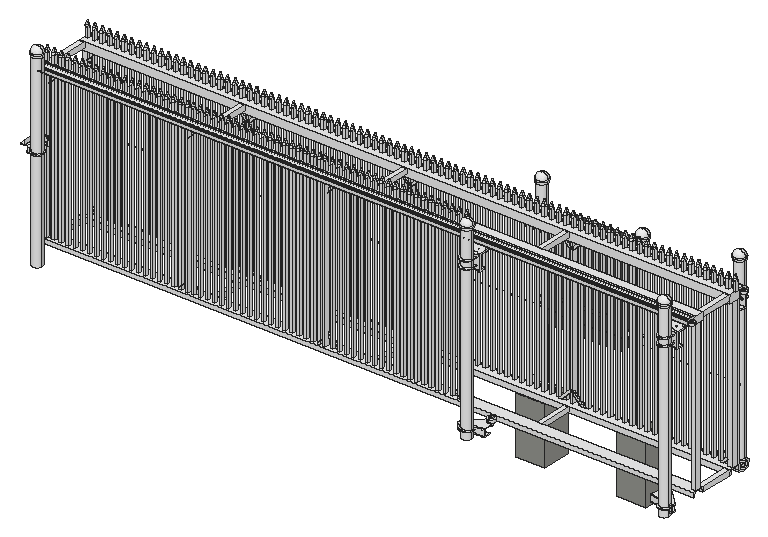
Revit family "Site-Fencing-Tymetal_Corp-Box_Frame_Cantilever_Slide_Gate-Ornamental-TYM-VS2-1", category Site, Revit 2015 (continued)
Definition of nested family "Fence - Catch Assembly"
  Definition of nested family "Fence - Assembly Latch"
    Lines and regions (in)
      Masking region 2, detail levels medium+fine
        outline origin (0, 7.24613, 0) x (1, 0, 0) y (0, 1, 0)
          loop
            line (-2.14943, -3.49662) -> (-0.16065, -5.4854)
            arc (-0.16065, -5.4854) -> (-0.07953, -5.5396) -> (0.01615, -5.55863) r 0.25003
            line (0.01615, -5.55863) -> (2.01605, -5.55863) -> (2.01605, -8.93362) -> (-0.00593, -8.93362)
            arc (-0.00593, -8.93362) -> (-0.1016, -8.95265) -> (-0.18271, -9.00684) r 0.25
            line (-0.18271, -9.00684) -> (-2.17145, -10.99558) -> (-1.99467, -11.17236) -> (-0.00593, -9.18362) -> (2.01607, -9.18362)
            arc (2.01607, -9.18362) -> (2.19285, -9.1104) -> (2.26608, -8.93361) r 0.25001
            line (2.26608, -8.93361) -> (2.26608, -5.5586)
            arc (2.26608, -5.5586) -> (2.19286, -5.38185) -> (2.0161, -5.30863) r 0.24997
            line (2.0161, -5.30863) -> (0.01605, -5.30863) -> (-1.97269, -3.31989) -> (-2.14943, -3.49662)
    Dimensions and locks (in)
      equal spacing: plane 4, level, plane 5
      locked: plane 4 to plane 5 at 2.75
    Automatic sketch dimensions
      Extrusion 1 sketch curve to plane 3 "Center (Left/Right)" = 0' - 2.17145"
      Extrusion 1 sketch curve to plane 3 "Center (Left/Right)" = 0' - 2.14946"
      Extrusion 1 sketch curve to Extrusion 1 sketch curve = 0' - 0.17678"  (x4)
      Extrusion 1 sketch curve to plane 3 "Center (Left/Right)" = 0' - 0.18263"
      Extrusion 1 sketch curve to plane 3 "Center (Left/Right)" = 0' - 0.16054"
      Extrusion 1 sketch curve to plane 3 "Center (Left/Right)" = 0' - 0.00593"  (x2)
      Extrusion 1 sketch curve to Extrusion 1 sketch curve = 0' - 0"  (x4)
      plane 3 "Center (Left/Right)" to Extrusion 1 sketch curve = 0' - 0.01605"
      plane 3 "Center (Left/Right)" to Extrusion 1 sketch curve = 0' - 0.01615"
      plane 3 "Center (Left/Right)" to Extrusion 1 sketch curve = 0' - 2.01605"
      Extrusion 1 sketch curve to Extrusion 1 sketch curve = 0' - 0.00005"
      Extrusion 1 sketch curve to Extrusion 1 sketch curve = 0' - 0 1/4"
      Extrusion 1 sketch curve to Extrusion 1 sketch curve = 0' - 1.98873"
      Extrusion 1 sketch curve to Extrusion 1 sketch curve = 0' - 0.17686"
      Extrusion 1 sketch curve to Extrusion 1 sketch curve = 0' - 3.37498"
      Extrusion 1 sketch curve to Extrusion 1 sketch curve = 0' - 0.00003"  (x2)
      Extrusion 1 sketch curve to Extrusion 1 sketch curve = 0' - 0.07312"
      Extrusion 1 sketch curve to Extrusion 1 sketch curve = 0' - 1.98886"
      Masking region 1 sketch curve to Masking region 1 sketch curve = 0' - 0.25002"
      plane 3 "Center (Left/Right)" to Masking region 1 sketch curve = 0' - 0.01612"
      Masking region 1 sketch curve to plane 3 "Center (Left/Right)" = 0' - 0.00594"
      Masking region 1 sketch curve to plane 3 "Center (Left/Right)" = 0' - 0.08748"
      Masking region 1 sketch curve to plane 3 "Center (Left/Right)" = 0' - 0.10949"
      Masking region 1 sketch curve to plane 3 "Center (Left/Right)" = 0' - 1 249/256"
      Masking region 1 sketch curve to plane 3 "Center (Left/Right)" = 0' - 1.99467"
      Masking region 1 sketch curve to Masking region 1 sketch curve = 0' - 0.1768"
      Masking region 1 sketch curve to Masking region 1 sketch curve = 0' - 0.17678"  (x2)
      Masking region 1 sketch curve to Masking region 1 sketch curve = 0' - 3 3/8"
      Masking region 1 sketch curve to Masking region 1 sketch curve = 0' - 0 1/4"
      Masking region 2 sketch curve to Masking region 2 sketch curve = 0' - 0.24997"
      Masking region 2 sketch curve to Masking region 2 sketch curve = 0' - 0 1/4"
      Masking region 2 sketch curve to Masking region 2 sketch curve = 0' - 0"  (x3)
      plane 3 "Center (Left/Right)" to Masking region 2 sketch curve = 0' - 0.01615"
      Masking region 2 sketch curve to Masking region 2 sketch curve = 0' - 0.0001"
      Masking region 2 sketch curve to plane 3 "Center (Left/Right)" = 0' - 0.00593"
      Masking region 2 sketch curve to plane 3 "Center (Left/Right)" = 0' - 0.16065"
      Masking region 2 sketch curve to Masking region 2 sketch curve = 0' - 0.17678"  (x3)
      Masking region 2 sketch curve to Masking region 2 sketch curve = 0' - 3 3/8"
      Masking region 2 sketch curve to Masking region 2 sketch curve = 0' - 0.00003"
      Masking region 2 sketch curve to Masking region 2 sketch curve = 0' - 0.07323"
      Masking region 2 sketch curve to plane 3 "Center (Left/Right)" = 0' - 1.97269"
      Masking region 2 sketch curve to Masking region 2 sketch curve = 0' - 0.17674"
      Masking region 2 sketch curve to Masking region 2 sketch curve = 0' - 1.98874"
      plane 1 "Center (Front/Back)" to Extrusion 1 sketch curve = 0' - 3.92623"
      Masking region 1 sketch curve to plane 1 "Center (Front/Back)" = 0' - 3.92627"
      Masking region 1 sketch curve to Masking region 1 sketch curve = 0' - 1.99993"
      Masking region 2 sketch curve to Masking region 2 sketch curve = 0' - 1.9999"
      plane 7 to Masking region 2 sketch curve = 0' - 0"
  Definition of nested family "Fence - Catch"
    Parameters
      Catch Assembly Finish = none
    Reference planes (in)
      plane 1 "Center (Front/Back)": y = 0
      plane 2: z = 0
      plane 3 "Center (Left/Right)": x = 0
      plane 4: y = 1.25
      plane 5: y = -1.25
      plane 6: x = 4.16039
    Forms (in)
      Extrusion 1, solid, material <- "Catch Assembly Finish", detail levels medium+fine
        sketch origin (0, 7.23515, -1.375) x (1, 0, 0) y (0, 1, 0)
          loop
            line (0.03555, -5.17267) -> (3.78539, -5.17267) -> (3.78539, -9.29762) -> (0.03539, -9.29762)
            arc (0.03539, -9.29762) -> (-0.10812, -9.32617) -> (-0.22978, -9.40746) r 0.375
            line (-0.22978, -9.40746) -> (-2.04174, -11.21942) -> (-1.77657, -11.48458) -> (0.03539, -9.67262) -> (3.78542, -9.67262)
            arc (3.78542, -9.67262) -> (4.05063, -9.56277) -> (4.16048, -9.29756) r 0.37506
            line (4.16048, -9.29756) -> (4.16048, -5.17247)
            arc (4.16048, -5.17247) -> (4.05063, -4.90743) -> (3.78555, -4.79766) r 0.37492
            line (3.78555, -4.79766) -> (0.03542, -4.79766) -> (-1.77657, -2.98567) -> (-2.04169, -3.25078) -> (-0.22965, -5.06282)
            arc (-0.22965, -5.06282) -> (-0.10797, -5.14412) -> (0.03555, -5.17267) r 0.37506
        from 1.375 to 3.37491
    Lines and regions (in)
      Masking region 1, detail levels coarse
        outline origin (0, 7.23515, 0) x (1, 0, 0) y (0, 1, 0)
          loop
            line (4.16039, -4.79766) -> (0.03537, -4.79766) -> (-1.7766, -2.98569) -> (-2.04171, -3.2508) -> (-0.11984, -5.17267) -> (3.78539, -5.17267) -> (3.78539, -9.29762) -> (-0.11994, -9.29762) -> (-2.04174, -11.21942) -> (-1.77657, -11.48458) -> (0.0354, -9.67262) -> (4.16039, -9.67262) -> (4.16039, -4.79766)
      Masking region 2, detail levels medium+fine
        outline origin (0, 7.23515, 0) x (1, 0, 0) y (0, 1, 0)
          loop
            line (0.03542, -4.79766) -> (-1.77657, -2.98567) -> (-2.04169, -3.25078) -> (-0.22965, -5.06282)
            arc (-0.22965, -5.06282) -> (-0.10797, -5.14412) -> (0.03555, -5.17267) r 0.37506
            line (0.03555, -5.17267) -> (3.78539, -5.17267) -> (3.78539, -9.29762) -> (0.03539, -9.29762)
            arc (0.03539, -9.29762) -> (-0.10812, -9.32617) -> (-0.22978, -9.40746) r 0.375
            line (-0.22978, -9.40746) -> (-2.04174, -11.21942) -> (-1.77657, -11.48458) -> (0.03539, -9.67262) -> (3.78542, -9.67262)
            arc (3.78542, -9.67262) -> (4.05063, -9.56277) -> (4.16048, -9.29756) r 0.37506
            line (4.16048, -9.29756) -> (4.16048, -5.17247)
            arc (4.16048, -5.17247) -> (4.05063, -4.90743) -> (3.78555, -4.79766) r 0.37492
            line (3.78555, -4.79766) -> (0.03542, -4.79766)
  Definition of nested family "Fence - L Bracket"
    Parameters
      Catch Assembly Finish = none
    Reference planes (in)
      plane 1 "Center (Front/Back)": y = 0
      plane 2: z = 0
      plane 3 "Center (Left/Right)": x = 0
      plane 4: y = -4.875
      plane 5: y = 1.375
      plane 6: y = 3.875
      plane 7: y = 4.875
      plane 8: y = -1.375
      plane 9: y = -3.875
      plane 10: x = 1
      plane 11: x = -1
      plane 12: z = 0.99996
      plane 13: z = 0.25008
      plane 14: z = 1.99991
    Forms (in)
      Extrusion 1, solid, material <- "Catch Assembly Finish", detail levels medium+fine
        sketch origin (-5.16039, 4.79762, 0) x (1, 0, 0) y (0, 0, 1)
          loop
            line (4.53539, 0) -> (6.16039, 0) -> (6.16039, 0.25008) -> (4.53541, 0.25008)
            arc (4.53541, 0.25008) -> (4.44698, 0.2867) -> (4.41036, 0.37512) r 0.12505
            line (4.41036, 0.37512) -> (4.41036, 1.99991) -> (4.16039, 1.99991) -> (4.16039, 0.375)
            arc (4.16039, 0.375) -> (4.27022, 0.10983) -> (4.53539, 0) r 0.375
        from -0.07738 to 9.67262
    Lines and regions (in)
      Masking region 1
        outline origin (-5.16039, 4.79762, 0) x (1, 0, 0) y (0, 1, 0)
          loop
            line (4.16039, -9.67262) -> (6.16039, -9.67262) -> (6.16039, 0.07738) -> (4.16039, 0.07738) -> (4.16039, -9.67262)
      Masking region 2, detail levels medium+fine
        outline origin (-5.16039, 4.79762, -1.375) x (1, 0, 0) y (0, 1, 0)
          loop
            line (4.16039, -9.67262) -> (4.41036, -9.67262) -> (4.41036, 0.07738) -> (4.16039, 0.07738) -> (4.16039, -9.67262)
      Masking region 3, detail levels fine
        outline origin (0, 0, 0) x (1, 0, 0) y (0, 1, 0)
          loop
            arc (-0.21875, 1.375) -> (0, 1.15625) -> (0.21875, 1.375) r 0.21875
            line (0.21875, 1.375) -> (0.21875, 3.875)
            arc (0.21875, 3.875) -> (0, 4.09375) -> (-0.21875, 3.875) r 0.21875
            line (-0.21875, 3.875) -> (-0.21875, 1.375)
    Dimensions and locks (in)
      plane 7 to plane 6 to plane 5 = 0' - 1" locked, 0' - 2 1/2" locked
      equal spacing: plane 7, plane 1 "Center (Front/Back)", plane 4
      locked: plane 7 to plane 4 at 9.75
      equal spacing: plane 11, plane 3 "Center (Left/Right)", plane 10
      locked: plane 11 to plane 10 at 2
      plane 4 to plane 9 to plane 8 = 0' - 1" locked, 0' - 2 1/2" locked
      aligned and locked: plane 7 to Masking region 1
    Automatic sketch dimensions
      Masking region 1 sketch curve to plane 7 = 0' - 0"
      Masking region 1 sketch curve to plane 11 = 0' - 0"
      Masking region 1 sketch curve to plane 10 = 0' - 0"
      plane 4 to Masking region 1 sketch curve = 0' - 0"
      plane 11 to Extrusion 1 sketch curve = 0' - 0"
      Extrusion 1 sketch curve to level = 0' - 0"
      Extrusion 1 sketch curve to plane 10 = 0' - 0"
      Extrusion 1 sketch curve to plane 11 = 0' - 0.24997"
      Extrusion 1 sketch curve to Extrusion 1 sketch curve = 0' - 0.12503"
      Extrusion 1 sketch curve to Extrusion 1 sketch curve = 0' - 0"
      Extrusion 1 sketch curve to Extrusion 1 sketch curve = 0' - 0.25008"
      Masking region 2 sketch curve to plane 7 = 0' - 0"
      Masking region 2 sketch curve to plane 11 = 0' - 0"
      plane 4 to Masking region 2 sketch curve = 0' - 0"
      Masking region 2 sketch curve to Masking region 2 sketch curve = 0' - 0.24997"
      Extrusion 1 sketch curve to Extrusion 1 sketch curve = 0' - 1.62491"
      Masking region 3 sketch curve to plane 5 = 0' - 0"
      Masking region 3 sketch curve to plane 6 = 0' - 0"
      Masking region 3 sketch curve to plane 3 "Center (Left/Right)" = 0' - 0"
      Masking region 3 sketch curve to Masking region 3 sketch curve = 0' - 0 7/32"
Definition of nested family "Fence - Picket Panel"
  Parameters
    Show Top Picket = yes
    Picket Spacing = 0' - 4.13846"
    Picket Space Calc = Picket Spacing  # 0' - 4.13846"
    Picket Panel Count Calc = 5
    Picket Count Calc = Picket Count - 1  # 12
    Picket Height = 0' - 6"
    Picket Count = 13
    Nominal Gate Height = 6' - 6"
    Lower Cross Picket [instance] = yes
    Frame Width = 0' - 3 3/16"
    Picket Panel Length = 4' - 5.8"
    Height Above Grade = 0' - 5"
    Cross Brace Finish = none
  Reference planes (in)
    plane 1 "Center (Front/Back)": y = -0.25
    plane 2: z = 0
    plane 3 "Center (Left/Right)": x = -9.6
    plane 4: x = -36
    plane 5: x = 16.8
    plane 6: y = -0.5
    plane 7: y = 0
    plane 8: z = 68.8125
    plane 9: z = 7
    plane 10: x = -31
    plane 11: x = 11.8
    plane 12: z = 78
    plane 13: z = 72
    plane 14: z = 5
    plane 15: z = 39
    plane 16: y = -0.75
    plane 17: y = -1.5
    plane 18: x = 17.8
    plane 19: x = 17.3
    plane 20: x = -36.5
    plane 21: x = -32.36154
    plane 22: x = 13.16154
    plane 23: x = 9.02308
    plane 24: y = -1
    plane 25: x = -37
  Dimensions and locks (in)
    equal spacing: plane 7, plane 1 "Center (Front/Back)", plane 6
    plane 6 to plane 7 = 0' - 0 1/2"
    equal spacing: plane 5, plane 3 "Center (Left/Right)", plane 4
    plane 10 to plane 4 = 0' - 5"  (x3)
    plane 5 to plane 11 = 0' - 5"  (x3)
    equal spacing: plane 7, plane 16, plane 17
    "Nominal Gate Height": plane 12 to level
    plane 14 to level = 0' - 5"
    plane 9 to plane 14 = 0' - 2"
    "Frame Width": plane 13 to plane 8
    "Picket Height": plane 12 to plane 13
    plane 18 to plane 5 to plane 11 = 0' - 1" locked, 0' - 5" locked
    plane 10 to plane 4 to plane 25 = 0' - 5" locked, 0' - 1" locked
    equal spacing: plane 18, plane 19, plane 5
    locked: plane 4 to plane 20 at 0.5
    "Picket Panel Length": plane 19 to plane 20
    "Picket Space Calc": plane 21 to plane 20
    "Picket Space Calc": plane 22 to plane 19
    "Picket Space Calc": plane 23 to plane 22
    equal spacing: group 2, group 12, group 11, group 10, group 9, group 8, group 7, group 6, group 5, group 4, group 3, group 1
    equal spacing: group 1, group 3, group 4, group 5, group 6, group 7, group 8, group 9, group 10, group 11, group 12, group 2  (x2)
    equal spacing: plane 12, plane 15, level
    aligned and locked: nested 1 to plane 22
    aligned and locked: plane 9 to nested 1
    aligned and locked: plane 17 to nested 1
    aligned and locked: plane 21 to nested 2
    aligned and locked: nested 2 to plane 24
  Nested families (in)
    nested 1: "Fence - Picket" at (13.16154, -1, 0), type "Fence - Picket"
      with Nominal Gate Height 6' - 6", Frame Height 0' - 3 3/16"
    nested 2: "Fence - Picket" at (-32.36154, -1, 0), type "Fence - Picket"
      with Nominal Gate Height 6' - 6", Frame Height 0' - 3 3/16"
    nested 3: "Fence - Picket" at (9.02308, -1, 0), type "Fence - Picket"
      with Nominal Gate Height 6' - 6", Frame Height 0' - 3 3/16"
    nested 4: "Fence - Picket" at (4.88462, -1, 0), type "Fence - Picket"
      with Nominal Gate Height 6' - 6", Frame Height 0' - 3 3/16"
    nested 5: "Fence - Picket" at (0.74615, -1, 0), type "Fence - Picket"
      with Nominal Gate Height 6' - 6", Frame Height 0' - 3 3/16"
    nested 6: "Fence - Picket" at (-3.39231, -1, 0), type "Fence - Picket"
      with Nominal Gate Height 6' - 6", Frame Height 0' - 3 3/16"
    nested 7: "Fence - Picket" at (-7.53077, -1, 0), type "Fence - Picket"
      with Nominal Gate Height 6' - 6", Frame Height 0' - 3 3/16"
    nested 8: "Fence - Picket" at (-11.66923, -1, 0), type "Fence - Picket"
      with Nominal Gate Height 6' - 6", Frame Height 0' - 3 3/16"
    nested 9: "Fence - Picket" at (-15.80769, -1, 0), type "Fence - Picket"
      with Nominal Gate Height 6' - 6", Frame Height 0' - 3 3/16"
    nested 10: "Fence - Picket" at (-19.94615, -1, 0), type "Fence - Picket"
      with Nominal Gate Height 6' - 6", Frame Height 0' - 3 3/16"
    nested 11: "Fence - Picket" at (-24.08462, -1, 0), type "Fence - Picket"
      with Nominal Gate Height 6' - 6", Frame Height 0' - 3 3/16"
    nested 12: "Fence - Picket" at (-28.22308, -1, 0), type "Fence - Picket"
      with Nominal Gate Height 6' - 6", Frame Height 0' - 3 3/16"
  Definition of nested family "Fence - Picket"
    Parameters
      Show Picket Top = yes
      Picket Width = 0' - 1"
      Picket Material = none
      Picket Length = 0' - 1"
      Picket Height Above Grade = 0' - 5"
      Picket Height = 0' - 6"
      Picket Cap Height = 0' 2 5/16" + 0' 0 15/256"  # 0' - 2 95/256"
      Nominal Gate Height = 8' - 0"
      Frame Height = 0' - 2"
    Reference planes (in)
      plane 1 "Center (Front/Back)": y = 0
      plane 2: z = 0
      plane 3 "Center (Left/Right)": x = 0
      plane 4: x = -0.5
      plane 5: x = 0.5
      plane 6: y = 0.5
      plane 7: y = -0.5
      plane 8: z = 93.62891
      plane 9: z = 96
      plane 10: z = 5
      plane 11: z = 90
      plane 12: z = 94.64844
      plane 13: z = 7
      plane 14: z = 88
    Forms (in)
      Extrusion 1, solid, material <- "Picket Material", visible <- "Show Picket Top", detail levels medium+fine
        sketch origin (0, 0, 0) x (1, 0, 0) y (0, 1, 0)
          loop
            line (-0.5, 0.5) -> (-0.5, -0.5) -> (0.5, -0.5) -> (0.5, 0.5) -> (-0.5, 0.5)
        from 90 to 93.62891
      Extrusion 2, solid, material <- "Picket Material"
        sketch origin (0, 0, 0) x (1, 0, 0) y (0, 1, 0)
          loop
            line (-0.5, 0.5) -> (-0.5, -0.5) -> (0.5, -0.5) -> (0.5, 0.5) -> (-0.5, 0.5)
        from 7 to 88
      Blend 3, solid, material <- "Picket Material", visible <- "Show Picket Top", detail levels medium+fine
        base sketch origin (0, 0, 0) x (1, 0, 0) y (0, 1, 0)
          loop
            line (-0.5, 0.5) -> (-0.5, -0.5) -> (0.5, -0.5) -> (0.5, 0.5) -> (-0.5, 0.5)
        top sketch origin (0, 0, 0) x (1, 0, 0) y (0, 1, 0)
          loop
            line (-0.5, 0.0625) -> (-0.5, -0.0625) -> (0.5, -0.0625) -> (0.5, 0.0625) -> (-0.5, 0.0625)
        from 93.62891 to 94.64844
      Extrusion 4, solid, material <- "Picket Material", visible <- "Show Picket Top", detail levels medium+fine
        sketch origin (0, 0, 0) x (1, 0, 0) y (0, 0, 1)
          loop
            arc (-0.54498, 93.72498) -> (-0.5118, 93.68197) -> (-0.5, 93.62895) r 0.125
            line (-0.5, 93.62895) -> (0.5, 93.62895)
            arc (0.5, 93.62895) -> (0.5118, 93.68197) -> (0.54498, 93.72498) r 0.125
            line (0.54498, 93.72498) -> (0.875, 94) -> (0.11626, 95.92092)
            arc (0.11626, 95.92092) -> (0, 96) -> (-0.11626, 95.92092) r 0.125
            line (-0.11626, 95.92092) -> (-0.875, 94) -> (-0.54498, 93.72498)
        from -0.125 to 0.125
      Extrusion 5, solid, material <- "Picket Material", visible <- "Show Picket Top", detail levels coarse
        sketch origin (0, 0, 0) x (1, 0, 0) y (0, 1, 0)
          loop
            line (-0.5, 0.5) -> (-0.5, -0.5) -> (0.5, -0.5) -> (0.5, 0.5) -> (-0.5, 0.5)
        from 90 to 96
    Cuts and joins
      joined: Extrusion 1, Blend 3, Extrusion 4
    Lines and regions (in)
      Masking region 1
        outline origin (0, 0, 0) x (1, 0, 0) y (0, 1, 0)
          loop
            line (-0.5, 0.5) -> (-0.5, -0.5) -> (0.5, -0.5) -> (0.5, 0.5) -> (-0.5, 0.5)
    Dimensions and locks (in)
      equal spacing: plane 4, plane 3 "Center (Left/Right)", plane 5
      "Picket Length": plane 4 to plane 5
      equal spacing: plane 6, plane 1 "Center (Front/Back)", plane 7
      "Picket Width": plane 6 to plane 7
      "Picket Cap Height": plane 9 to plane 8
      "Nominal Gate Height": plane 9 to level
      equal spacing: Blend 3 sketch curve, plane 1 "Center (Front/Back)", Blend 3 sketch curve
      locked: plane 1 "Center (Front/Back)" to Blend 3 sketch curve at 0.0625
      "Picket Height Above Grade": plane 10 to level
      "Picket Height": plane 9 to plane 11
      equal spacing: Blend 3 sketch curve, plane 3 "Center (Left/Right)", Blend 3 sketch curve
      locked: plane 12 to plane 8 at 1.01953
      equal spacing: Extrusion 4, plane 1 "Center (Front/Back)", Extrusion 4
      locked: Extrusion 4 to plane 1 "Center (Front/Back)" at 0.125
      locked: plane 13 to plane 10 at 2
      "Frame Height": plane 14 to plane 11
      aligned and locked: Extrusion 1 sketch curve to plane 6
      aligned and locked: plane 4 to Extrusion 1 sketch curve
      aligned and locked: plane 7 to Extrusion 1 sketch curve
      aligned and locked: Extrusion 1 sketch curve to plane 5
      aligned and locked: plane 8 to Extrusion 1
      aligned and locked: Extrusion 2 sketch curve to Extrusion 1  (x4)
      aligned and locked: Masking region 1 sketch curve to Extrusion 1  (x4)
      aligned and locked: Blend 3 sketch curve to plane 6
      aligned and locked: plane 7 to Blend 3 sketch curve
      aligned and locked: Blend 3 to plane 8
      aligned and locked: plane 4 to Blend 3 sketch curve  (x2)
      aligned and locked: Blend 3 sketch curve to plane 5
      aligned and locked: plane 12 to Blend 3
      aligned and locked: Extrusion 2 to plane 13
      aligned and locked: cut or joined group of Extrusion 1, Blend 3, Extrusion 4 to plane 11
      aligned and locked: plane 14 to Extrusion 2
      aligned and locked: Extrusion 5 sketch curve to Extrusion 2  (x4)
      aligned and locked: Extrusion 5 to plane 11
      aligned and locked: plane 9 to Extrusion 5
    Automatic sketch dimensions
      Extrusion 4 sketch curve to plane 4 = 0' - 0"
      Extrusion 4 sketch curve to plane 3 "Center (Left/Right)" = 0' - 0"
      Extrusion 4 sketch curve to plane 5 = 0' - 0"
      Extrusion 4 sketch curve to plane 4 = 0' - 0.04498"
      Extrusion 4 sketch curve to plane 9 = 0' - 0.07908"  (x2)
      Extrusion 4 sketch curve to plane 3 "Center (Left/Right)" = 0' - 0.11626"
      plane 5 to Extrusion 4 sketch curve = 0' - 0.04498"
      Extrusion 4 sketch curve to Extrusion 4 sketch curve = 0' - 0.04592"
      plane 8 to Extrusion 4 sketch curve = 0' - 0 95/256"  (x2)
      plane 8 to Extrusion 4 sketch curve = 0' - 0.09607"
      plane 8 to Extrusion 4 sketch curve = 0' - 0.00005"
      Extrusion 4 sketch curve to plane 4 = 0' - 0 3/8"
      Extrusion 4 sketch curve to Extrusion 4 sketch curve = 0' - 0.08002"
      plane 5 to Extrusion 4 sketch curve = 0' - 0 3/8"
Definition of nested family "Fence - Ornamental Cross Brace"
  Parameters
    Nominal Gate Height = 6' - 0"
    Frame Width = 0' - 3 3/16"
    Cross Brace Width = 0' - 0 1/2"  # constant formula
    Panel Length = 3' - 9"
    Height Above Grade = 0' - 5"
    Cross Brace Finish = none
  Reference planes (in)
    plane 1 "Center (Front/Back)": y = -0.25
    plane 2: z = 0
    plane 3 "Center (Left/Right)": x = -14
    plane 4: x = -36
    plane 5: x = 8
    plane 6: y = -0.5
    plane 7: y = 0
    plane 8: z = 62.8125
    plane 9: z = 7
    plane 10: x = -31
    plane 11: x = 3
    plane 12: z = 57.8125
    plane 13: z = 12
    plane 14: z = 72
    plane 15: z = 66
    plane 16: z = 5
    plane 17: z = 34.90625
    plane 18: y = -0.75
    plane 19: y = -1.5
    plane 20: x = 9
    plane 21: x = 8.5
    plane 22: x = -36.5
    plane 23: x = -33.29762
    plane 24: x = 5.29762
    plane 25: x = 2.09524
    plane 26: y = -1
    plane 27: x = -37
  Forms (in)
    Extrusion 1, solid, material <- "Cross Brace Finish", detail levels medium+fine
      sketch origin (0, -0.25, 0) x (1, 0, 0) y (0, 0, 1)
        loop
          line (-31, 62.8125) -> (-32.41421, 62.8125) -> (-36, 59.22671) -> (-36, 57.8125) -> (-31, 62.8125)
        loop
          line (3, 62.8125) -> (8, 57.8125) -> (8, 59.22671) -> (4.41421, 62.8125) -> (3, 62.8125)
        loop
          line (-31, 7) -> (-36, 12) -> (-36, 10.58579) -> (-32.41421, 7) -> (-31, 7)
        loop
          line (3, 7) -> (4.41421, 7) -> (8, 10.58579) -> (8, 12) -> (3, 7)
      from -0.25 to 0.25
  Lines and regions (in)
    model lines
      curve 1: line (-33.5, -0.25, 60.3125) -> (5.5, -0.25, 9.5)
      curve 2: line (-33.5, -0.25, 9.5) -> (5.5, -0.25, 60.3125)
  Dimensions and locks (in)
    equal spacing: plane 7, plane 1 "Center (Front/Back)", plane 6
    "Cross Brace Width": plane 6 to plane 7
    locked: Extrusion 1 sketch curve to Extrusion 1 sketch curve at 1  (x4)
    equal spacing: plane 12, plane 17, plane 13
    equal spacing: plane 5, plane 3 "Center (Left/Right)", plane 4
    plane 10 to plane 4 = 0' - 5"
    plane 5 to plane 11 = 0' - 5"
    equal spacing: plane 7, plane 18, plane 19
    "Nominal Gate Height": plane 14 to level
    plane 16 to level = 0' - 5"
    plane 9 to plane 16 = 0' - 2"
    locked: plane 13 to plane 9 at 5
    locked: plane 8 to plane 12 at 5
    "Frame Width": plane 15 to plane 8
    plane 14 to plane 15 = 0' - 6"
    plane 20 to plane 5 to plane 11 = 0' - 1" locked, 0' - 5" locked
    plane 10 to plane 4 to plane 27 = 0' - 5" locked, 0' - 1" locked
    equal spacing: plane 20, plane 21, plane 5
    locked: plane 4 to plane 22 at 0.5
    "Panel Length": plane 21 to plane 22
    plane 23 to plane 22 = 0' - 3.20238"
    plane 24 to plane 21 = 0' - 3.20238"
    plane 25 to plane 24 = 0' - 3.20238"
    equal spacing: plane 5, curve 1, plane 11
    equal spacing: plane 13, curve 1, plane 9
    equal spacing: plane 10, curve 2, plane 4
    equal spacing: plane 13, curve 2, plane 9
    equal spacing: plane 8, curve 1, plane 12
    equal spacing: plane 10, curve 1, plane 4
    equal spacing: plane 5, curve 2, plane 11
    equal spacing: plane 8, curve 2, plane 12
    aligned and locked: Extrusion 1 sketch curve to plane 8
    aligned and locked: Extrusion 1 sketch curve to plane 4
    aligned and locked: plane 12 to Extrusion 1 sketch curve  (x2)
    aligned and locked: plane 10 to Extrusion 1 sketch curve  (x2)
    aligned and locked: Extrusion 1 sketch curve to plane 9
    aligned and locked: plane 4 to Extrusion 1 sketch curve
    aligned and locked: plane 13 to Extrusion 1 sketch curve  (x2)
    aligned and locked: plane 9 to Extrusion 1 sketch curve
    aligned and locked: plane 5 to Extrusion 1 sketch curve  (x2)
    aligned and locked: plane 11 to Extrusion 1 sketch curve  (x2)
    aligned and locked: Extrusion 1 sketch curve to plane 5
    aligned and locked: plane 8 to Extrusion 1 sketch curve
    aligned and locked: plane 7 to Extrusion 1
    aligned and locked: Extrusion 1 to plane 6
    aligned and locked: plane 5 to Extrusion 1  (x2)
Definition of nested family "Fence - Box Frame-Supports"
  Parameters
    Primary Member Width = 2' - 0"
    Frame Material = none
    Frame Height Above Grade = 0' - 5"
    Frame Height = 6' - 0"
    Barb Height = 1' - 3"
  Reference planes (in)
    plane 1 "Center (Front/Back)": y = 0
    plane 2: z = 0
    plane 3 "Center (Left/Right)": x = 86
    plane 4: x = 85
    plane 5: x = 87
    plane 6: z = 72
    plane 7: z = 5
    plane 8: y = 12
    plane 9: y = -12
    plane 10: z = 35.25
    plane 11: y = 7
    plane 12: y = -7
  Forms (in)
    Extrusion 1, solid, material <- "Frame Material", detail levels medium+fine
      sketch origin (86, 0, 0) x (0, 1, 0) y (0, 0, 1)
        loop
          line (7, 72) -> (-7, 72) -> (-7, 70) -> (7, 70) -> (7, 72)
        loop
          line (7, 5) -> (7, 7) -> (-7, 7) -> (-7, 5) -> (7, 5)
      from -1 to 1
  Lines and regions (in)
    Masking region 1
      outline origin (0, 0, 0) x (1, 0, 0) y (0, 1, 0)
        loop
          line (85, 7) -> (85, -7) -> (87, -7) -> (87, 7) -> (85, 7)
  Dimensions and locks (in)
    equal spacing: plane 4, plane 3 "Center (Left/Right)", plane 5
    locked: plane 4 to plane 5 at 2
    "Frame Height Above Grade": plane 7 to level
    equal spacing: plane 9, plane 1 "Center (Front/Back)", plane 8
    "Primary Member Width": plane 9 to plane 8
    plane 10 to plane 7 = 2' - 6 1/4"
    "Frame Height": plane 6 to level
    locked: plane 6 to Extrusion 1 sketch curve at 2
    locked: plane 9 to plane 12 at 5
    locked: plane 11 to plane 8 at 5
    aligned and locked: plane 5 to Extrusion 1
    aligned and locked: Extrusion 1 to Masking region 1 sketch curve
    aligned and locked: Masking region 1 sketch curve to plane 4
    aligned and locked: Extrusion 1 to plane 4
    aligned and locked: Masking region 1 to Extrusion 1
    aligned and locked: Extrusion 1 to plane 11  (x2)
    aligned and locked: Masking region 1 to plane 11
    aligned and locked: plane 12 to Extrusion 1  (x2)
    aligned and locked: plane 12 to Masking region 1
    aligned and locked: Extrusion 1 to plane 12  (x3)
  Automatic sketch dimensions
    Extrusion 1 sketch curve to plane 6 = 0' - 0"
    Extrusion 1 sketch curve to plane 7 = 0' - 0"
    plane 7 to Extrusion 1 sketch curve = 0' - 2"
    plane 8 to Extrusion 1 sketch curve = 0' - 5"  (x2)
    plane 8 to Masking region 1 sketch curve = 0' - 5"
    Extrusion 1 sketch curve to plane 9 = 0' - 5"  (x2)
    Masking region 1 sketch curve to plane 9 = 0' - 5"
Definition of nested family "Fence"
  Parameters
    Picket Spacing = 0' - 3"
    Picket Count = (Length + Extension Length) / Picket Spacing  # 34
    Length = 6' - 7"
    Extension Length = 2' - 0"
  Reference planes (in)
    plane 1 "Center (Front/Back)": y = 0
    plane 2: z = 0
    plane 3 "Center (Left/Right)": x = 0
    plane 4: x = -51.5
    plane 5: x = 51.5
    plane 6: x = 48.5
    plane 7: x = -49.8125
    plane 8: x = 27.5
    plane 9: y = 1
    plane 10: y = -1
  Lines and regions (in)
    Masking region 1
      outline origin (0, 0, 0) x (1, 0, 0) y (0, 1, 0)
        loop
          line (-51.5, 1) -> (-51.5, -1) -> (51.5, -1) -> (51.5, 1) -> (-51.5, 1)
    symbolic lines
      curve 1: line (51.5, 7.25, 0) -> (51.5, 1, 0)
      curve 2: line (50.07185, 0, 0) -> (51.5, 1, 0)
      curve 3: line (52.92815, 0, 0) -> (51.5, -1, 0)
      curve 4: line (50.07185, 0, 0) -> (52.92815, 0, 0)
      curve 5: line (51.5, -1, 0) -> (51.5, -7.25, 0)
  Dimensions and locks (in)
    equal spacing: plane 4, plane 3 "Center (Left/Right)", plane 5
    "Length": plane 4 to plane 8
    locked: Masking region 1 sketch curve to Masking region 1 sketch curve at 2
    equal spacing: Masking region 1 sketch curve, plane 1 "Center (Front/Back)", Masking region 1 sketch curve
    "Picket Spacing": plane 6 to plane 5
    locked: plane 4 to plane 7 at 1.6875
    equal spacing: group 2, group 34, group 33, group 32, group 31, group 30, group 29, group 28, group 27, group 26, group 25, group 24, group 23, group 22, group 21, group 20, group 19, group 18, group 17, group 16, group 15, group 14, group 13, group 12, group 11, group 10, group 9, group 8, group 7, group 6, group 5, group 4, group 3, group 1
    equal spacing: group 1, group 3, group 4, group 5, group 6, group 7, group 8, group 9, group 10, group 11, group 12, group 13, group 14, group 15, group 16, group 17, group 18, group 19, group 20, group 21, group 22, group 23, group 24, group 25, group 26, group 27, group 28, group 29, group 30, group 31, group 32, group 33, group 34, group 2  (x2)
    "Extension Length": plane 8 to plane 5
    aligned and locked: plane 4 to Masking region 1 sketch curve
    aligned and locked: Masking region 1 sketch curve to plane 5
    aligned and locked: plane 6 to nested 1
    aligned and locked: plane 1 "Center (Front/Back)" to nested 2
    aligned and locked: nested 2 to plane 7
    aligned and locked: plane 1 "Center (Front/Back)" to nested 1
    aligned and locked: plane 9 to Masking region 1
    aligned and locked: plane 10 to Masking region 1
  Automatic sketch dimensions
    curve 2 to plane 5 = 0' - 0"
    curve 5 to plane 5 = 0' - 0"
    curve 4 to plane 5 = 0' - 1.42815"
    plane 5 to curve 3 = 0' - 1.42815"
    plane 1 "Center (Front/Back)" to curve 3 = 0' - 1"
    curve 1 to plane 1 "Center (Front/Back)" = 0' - 1"
    curve 5 to curve 5 = 0' - 6 1/4"
    curve 2 to curve 1 = 0' - 6 1/4"
    plane 1 "Center (Front/Back)" to curve 4 = 0' - 0"
  Nested families (in)
    nested 1: "Picket" at (48.5, 0, 0), type "Picket"
    nested 2: "Picket" at (-49.8125, 0, 0), type "Picket"
    nested 3: "Picket" at (45.52083, 0, 0), type "Picket"
    nested 4: "Picket" at (42.54167, 0, 0), type "Picket"
    nested 5: "Picket" at (39.5625, 0, 0), type "Picket"
    nested 6: "Picket" at (36.58333, 0, 0), type "Picket"
    nested 7: "Picket" at (33.60417, 0, 0), type "Picket"
    nested 8: "Picket" at (30.625, 0, 0), type "Picket"
    nested 9: "Picket" at (27.64583, 0, 0), type "Picket"
    nested 10: "Picket" at (24.66667, 0, 0), type "Picket"
    nested 11: "Picket" at (21.6875, 0, 0), type "Picket"
    nested 12: "Picket" at (18.70833, 0, 0), type "Picket"
    nested 13: "Picket" at (15.72917, 0, 0), type "Picket"
    nested 14: "Picket" at (12.75, 0, 0), type "Picket"
    nested 15: "Picket" at (9.77083, 0, 0), type "Picket"
    nested 16: "Picket" at (6.79167, 0, 0), type "Picket"
    nested 17: "Picket" at (3.8125, 0, 0), type "Picket"
    nested 18: "Picket" at (0.83333, 0, 0), type "Picket"
    nested 19: "Picket" at (-2.14583, 0, 0), type "Picket"
    nested 20: "Picket" at (-5.125, 0, 0), type "Picket"
    nested 21: "Picket" at (-8.10417, 0, 0), type "Picket"
    nested 22: "Picket" at (-11.08333, 0, 0), type "Picket"
    nested 23: "Picket" at (-14.0625, 0, 0), type "Picket"
    nested 24: "Picket" at (-17.04167, 0, 0), type "Picket"
    nested 25: "Picket" at (-20.02083, 0, 0), type "Picket"
    nested 26: "Picket" at (-23, 0, 0), type "Picket"
    nested 27: "Picket" at (-25.97917, 0, 0), type "Picket"
    nested 28: "Picket" at (-28.95833, 0, 0), type "Picket"
    nested 29: "Picket" at (-31.9375, 0, 0), type "Picket"
    nested 30: "Picket" at (-34.91667, 0, 0), type "Picket"
    nested 31: "Picket" at (-37.89583, 0, 0), type "Picket"
    nested 32: "Picket" at (-40.875, 0, 0), type "Picket"
    nested 33: "Picket" at (-43.85417, 0, 0), type "Picket"
    nested 34: "Picket" at (-46.83333, 0, 0), type "Picket"
  Definition of nested family "Picket"
    Reference planes (in)
      plane 1 "Center (Front/Back)": y = 0
      plane 2: z = 0
      plane 3 "Center (Left/Right)": x = 0
    Lines and regions (in)
      Masking region 1
        outline origin (0, 0, 0) x (1, 0, 0) y (0, 1, 0)
          loop
            line (-0.5, 0.5) -> (-0.5, -0.5) -> (0.5, -0.5) -> (0.5, 0.5) -> (-0.5, 0.5)
    Dimensions and locks (in)
      locked: Masking region 1 sketch curve to Masking region 1 sketch curve at 1  (x2)
      equal spacing: Masking region 1 sketch curve, plane 1 "Center (Front/Back)", Masking region 1 sketch curve
      equal spacing: Masking region 1 sketch curve, plane 3 "Center (Left/Right)", Masking region 1 sketch curve
      aligned and locked: plane 2 to level
Types (2): name | Voltage | Power Factor | Number of Poles
  Single Phase | 230 V | 1 | 1
  Three Phase | 460 V | 0.8 | 3
